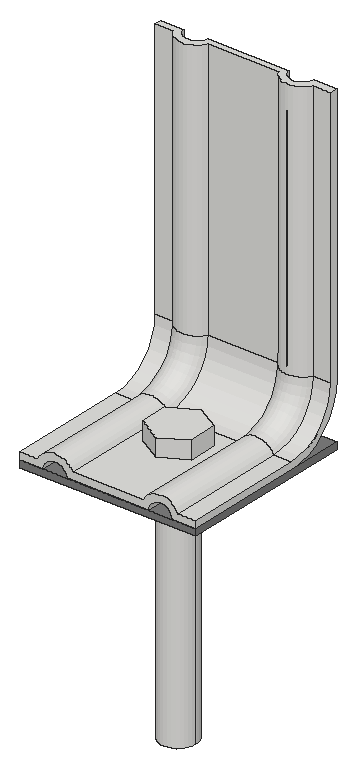
Revit family "BIMLIB_КронштейнКрепежный_GRANDLINE", category Обобщенные модели, Revit 2017
Family settings
  Может служить основой для арматурных стержней = Нет
  Размер круглого соединителя = Использовать диаметр
  Тип детали = Нормальный
  На основе рабочей плоскости = Да
  Всегда вертикально = Нет
  При загрузке вырезать с полостями = Нет
  Общий = Нет
  Точка расчета площади = Нет
Parameters (values of type "50х50х90")
  Прокладка_Толщина [instance] = if(Прокладка_Паронитовая, 2 mm, 0 mm)  # 2 mm
  Прокладка_Паронитовая [instance] = yes
  Default Elevation = 1219.2 mm
  Описание = ADSK_Наименование  # "Крепежный кронштейн 50х50х90"
  Изготовитель = "Grand Line"  # constant formula
  Анкер_Длина = 80 mm
  Watermark [instance] = "Модели защищены уникальным кодом"
  URL = "https://www.grandline.ru"
  BL_Разработано = "support@bimlib.pro"
  BL_Email = "info@grandline.ru"
  BL_BIM library = "https://bimlib.pro/manufacturer/company/22430"
  ADSK_Размер_Ширина = 50 mm
  ADSK_Размер_Толщина = 2 mm
  ADSK_Размер_Длина = 90 mm
  ADSK_Обозначение = ""
  ADSK_Наименование = "Крепежный кронштейн 50х50х90"
  ADSK_Материал тип подсчета = 0  # constant formula
  ADSK_Материал = GL_Сталь
  ADSK_Масса_Текст = ""
  ADSK_Масса = 0
  ADSK_Марка = ""
  ADSK_Количество [instance] = 1  # constant formula
  ADSK_Код изделия = ""
  ADSK_Завод-изготовитель = "Grand Line"  # constant formula
  ADSK_Единица измерения = "шт"  # constant formula
  ADSK_Группирование = "Доборные элементы"  # constant formula
  ADSK_Версия Revit = "2017"  # constant formula
  ADSK_URL страницы изделия = "https://www.grandline.ru/katalog/fasad/fasadnye-sistemy-grand-line/kreplenia-stenovye-udliniteli/"
  ADSK_URL документации изделия = "https://www.grandline.ru/"
Types (8, lengths in mm): name | Описание | ADSK_Размер_Длина | ADSK_Наименование
  50х50х50 | "Крепежный кронштейн 50х50х50" | 50 | "Крепежный кронштейн 50х50х50"
  50х50х90 | "Крепежный кронштейн 50х50х90" | 90 | "Крепежный кронштейн 50х50х90"
  50х50х100 | "Крепежный кронштейн 50х50х100" | 100 | "Крепежный кронштейн 50х50х100"
  50х50х150 | "Крепежный кронштейн 50х50х150" | 150 | "Крепежный кронштейн 50х50х150"
  50х50х180 | "Крепежный кронштейн 50х50х180" | 180 | "Крепежный кронштейн 50х50х180"
  50х50х200 | "Крепежный кронштейн 50х50х200" | 200 | "Крепежный кронштейн 50х50х200"
  50х50х250 | "Крепежный кронштейн 50х50х250" | 250 | "Крепежный кронштейн 50х50х250"
  50х50х120 | "Крепежный кронштейн 50х50х120" | 120 | "Крепежный кронштейн 50х50х120"
Reference planes
  plane 1 "По центру (Вперед/Назад)": y = 0
  plane 2: z = 0
  plane 3 "По центру (Влево/Вправо)": x = 0
  plane 4: y = 25
  plane 5: y = -25
  plane 6: z = 92
  plane 7 "Начало": z = 2
  plane 8: z = 4
Forms (mm)
  Sweep 1, solid, material "GL_Сталь" <- "ADSK_Материал", detail levels medium+fine
    path origin (0, 0, 0) x (0, 1, 0) y (0, 0, 1)
      loop
        line (25, 92) -> (25, 18)
        arc (25, 18) -> (20.314, 6.686) -> (9, 2) r 16
        line (9, 2) -> (-25, 2)
    profile "Профиль_КронштейнКрепежный : Профиль" origin (0, 25, 55) x (0, 1, 0) y (1, 0, 0)
      loop
        line (-2, 25) -> (-2, 19.899)
        arc (-2, 19.899) -> (-5, 15) -> (-2, 10.101) r 5.5
        line (-2, 10.101) -> (-2, -10.101)
        arc (-2, -10.101) -> (-5, -15) -> (-2, -19.899) r 5.5
        line (-2, -19.899) -> (-2, -25) -> (0, -25) -> (0, -18.464)
        arc (0, -18.464) -> (-3, -15) -> (0, -11.536) r 3.5
        line (0, -11.536) -> (0, 11.536)
        arc (0, 11.536) -> (-3, 15) -> (0, 18.464) r 3.5
        line (0, 18.464) -> (0, 25) -> (-2, 25)
  Extrusion 2, void
    sketch origin (0, 0, 2) x (0, 1, 0) y (-1, 0, 0)
      loop
        circle (0, 0) r 5
    from 0 to 2
Cuts and joins
  Extrusion 2 cuts Sweep 1
Dimensions and locks
  equal spacing: plane 4, plane 1 "По центру (Вперед/Назад)", plane 5
  "ADSK_Размер_Ширина": plane 4 to plane 5
  "ADSK_Размер_Длина": plane 6 to plane 7 "Начало"
  "Прокладка_Толщина": plane 7 "Начало" to plane 2
  locked: plane 8 to plane 7 "Начало" at 2
  aligned and locked: level to plane 2
  aligned and locked: plane 4 to Sweep 1 sketch curve
  aligned and locked: plane 5 to Sweep 1 sketch curve
  aligned and locked: Sweep 1 sketch curve to plane 7 "Начало"
  aligned and locked: plane 6 to Sweep 1 sketch curve
  aligned and locked: Extrusion 2 to plane 7 "Начало"
  aligned and locked: plane 3 "По центру (Влево/Вправо)" to nested 1
  aligned and locked: plane 1 "По центру (Вперед/Назад)" to nested 1
  aligned and locked: nested 1 to plane 2
  aligned and locked: plane 1 "По центру (Вперед/Назад)" to nested 2
  aligned and locked: plane 3 "По центру (Влево/Вправо)" to nested 2
  aligned and locked: nested 2 to plane 8
Automatic sketch dimensions
  Sweep 1 sketch curve to plane 1 "По центру (Вперед/Назад)" = 9 mm
  plane 1 "По центру (Вперед/Назад)" to Extrusion 2 sketch curve = 0 mm
  Extrusion 2 sketch curve to plane 3 "По центру (Влево/Вправо)" = 0 mm
  radius of Extrusion 2 sketch curve = 5 mm
Nested families
  nested 1: "BIMLIB_УплотнительПаронитовый_GRANDLINE" at (0, 0, 0), visible <- "Прокладка_Паронитовая", type "50х50"
    with ADSK_Количество 1
  nested 2: "BIMLIB_ДюбельАнкерный_GRANDLINE" at (0, 0, 4), Анкер_Длина <- "Анкер_Длина", type "Дюбель"
    with Анкер_Длина 80 mm, ADSK_Количество 1
Definition of nested family "BIMLIB_УплотнительПаронитовый_GRANDLINE"
  Parameters (values of type "50х50")
    Description = ADSK_Наименование  # "Уплотнитель паронитовый 50х50"
    Manufacturer = "Grand Line"  # constant formula
    URL = "https://www.grandline.ru"
    BL_Разработано = "support@bimlib.pro"
    BL_Email = "info@grandline.ru"
    BL_BIM library = "https://bimlib.pro/manufacturer/company/22430"
    ADSK_Размер_Ширина = 50 mm
    ADSK_Размер_Толщина = 2 mm
    ADSK_Размер_Длина = 50 mm
    ADSK_Обозначение = ""
    ADSK_Наименование = "Уплотнитель паронитовый 50х50"
    ADSK_Материал тип подсчета = 0  # constant formula
    ADSK_Материал = none
    ADSK_Масса_Текст = ""
    ADSK_Масса = 0
    ADSK_Марка = ""
    ADSK_Количество [instance] = 1  # constant formula
    ADSK_Код изделия = ""
    ADSK_Завод-изготовитель = "Grand Line"  # constant formula
    ADSK_Единица измерения = "шт"  # constant formula
    ADSK_Группирование = "Доборные элементы"  # constant formula
    ADSK_Версия Revit = "2017"  # constant formula
    ADSK_URL страницы изделия = "https://www.grandline.ru/uplotnitel-paronitovyy-50kh50-2mm-119784.html"
    ADSK_URL документации изделия = "https://www.grandline.ru/uploads/files/Sertifikati_vse/18%20%D0%93%D0%9A-%D0%BF%D1%80%D0%BE%D1%84%D0%B8%D0%BB%D1%8C%2C%20%D0%BF%D0%BE%D0%B4%D0%B2%D0%B5%D1%81%D0%BD%D1%8B%D0%B5%20%D0%BF%D0%BE%D1%82%D0%BE%D0%BB%D0%BE%D1%87%D0%BD%D1%8B%D0%B5%20%D1%81%D0%B8%D1%81%D1%82%D0%B5%D0%BC%D1%8B%2C%20%D0%9D%D0%B0%D0%B2%D0%B5%D1%81%D0%BD%D0%B0%D1%8F%20%D1%84%D0%B0%D1%81%D0%B0%D0%B4%D0%BD%D0%B0%D1%8F%20%D1%81%D0%B8%D1%81%D1%82%D0%B5%D0%BC%D0%B0/sertifikat-sootvetstvija-paronit.pdf"
  Reference planes
    plane 1 "По центру (Вперед/Назад)": y = 0
    plane 2: z = 0
    plane 3 "По центру (Влево/Вправо)": x = 0
    plane 4: x = -25
    plane 5: x = 25
    plane 6: y = 25
    plane 7: y = -25
    plane 8: z = 2
  Forms (mm)
    Extrusion 1, solid, material <- "ADSK_Материал", detail levels medium+fine
      sketch origin (0, 0, 0) x (1, 0, 0) y (0, 1, 0)
        loop
          line (-25, 25) -> (-25, -25) -> (25, -25) -> (25, 25) -> (-25, 25)
        loop
          circle (0, 0) r 5.25
      from 0 to 2
  Dimensions and locks
    equal spacing: plane 6, plane 1 "По центру (Вперед/Назад)", plane 7
    equal spacing: plane 4, plane 3 "По центру (Влево/Вправо)", plane 5
    "ADSK_Размер_Длина": plane 4 to plane 5
    "ADSK_Размер_Ширина": plane 6 to plane 7
    "ADSK_Размер_Толщина": plane 8 to plane 2
    aligned and locked: level to plane 2
    aligned and locked: Extrusion 1 sketch curve to plane 6
    aligned and locked: plane 4 to Extrusion 1 sketch curve
    aligned and locked: plane 7 to Extrusion 1 sketch curve
    aligned and locked: Extrusion 1 sketch curve to plane 5
    aligned and locked: plane 8 to Extrusion 1
  Automatic sketch dimensions
    plane 1 "По центру (Вперед/Назад)" to Extrusion 1 sketch curve = 0 mm
    Extrusion 1 sketch curve to plane 3 "По центру (Влево/Вправо)" = 0 mm
    radius of Extrusion 1 sketch curve = 5.25 mm
Definition of nested family "BIMLIB_ДюбельАнкерный_GRANDLINE"
  Parameters (values of type "Дюбель")
    Description = ADSK_Наименование  # "Анкерный дюбель"
    Manufacturer = "Grand Line"  # constant formula
    Анкер_Длина [instance] = 80 mm
    URL = "https://www.grandline.ru"
    BL_Разработано = "support@bimlib.pro"
    BL_Email = "info@grandline.ru"
    BL_BIM library = "https://bimlib.pro/manufacturer/company/22430"
    ADSK_Обозначение = ""
    ADSK_Наименование = "Анкерный дюбель"
    ADSK_Материал тип подсчета = 0  # constant formula
    ADSK_Материал = none
    ADSK_Масса_Текст = ""
    ADSK_Масса = 0
    ADSK_Марка = ""
    ADSK_Количество [instance] = 1  # constant formula
    ADSK_Код изделия = ""
    ADSK_Завод-изготовитель = "Grand Line"  # constant formula
    ADSK_Единица измерения = "шт"  # constant formula
    ADSK_Группирование = "Доборные элементы"  # constant formula
    ADSK_Версия Revit = "2017"  # constant formula
    ADSK_URL страницы изделия = "https://www.grandline.ru/katalog/fasad/fasadnye-sistemy-grand-line/ankera-fasadnye/"
    ADSK_URL документации изделия = "https://www.grandline.ru"
  Reference planes
    plane 1 "По центру (Вперед/Назад)": y = 0
    plane 2: z = 0
    plane 3 "По центру (Влево/Вправо)": x = 0
    plane 4: z = -75
    plane 5: z = 5
  Forms (mm)
    Extrusion 1, solid, material <- "ADSK_Материал", detail levels medium+fine
      sketch origin (0, 0, 0) x (1, 0, 0) y (0, 1, 0)
        loop
          circle (0, 0) r 5
      from 0 to -75
    Extrusion 2, solid, material <- "ADSK_Материал", detail levels medium+fine
      sketch origin (0, 0, 0) x (1, 0, 0) y (0, 1, 0)
        loop
          line (7, 4.041) -> (0, 8.083) -> (-7, 4.041) -> (-7, -4.041) -> (0, -8.083) -> (7, -4.041) -> (7, 4.041)
      from 0 to 5
  Dimensions and locks
    locked: plane 5 to plane 2 at 5
    "Анкер_Длина": plane 5 to plane 4
    aligned and locked: level to plane 2
  Automatic sketch dimensions
    plane 1 "По центру (Вперед/Назад)" to Extrusion 1 sketch curve = 0 mm
    Extrusion 1 sketch curve to plane 3 "По центру (Влево/Вправо)" = 0 mm
    Extrusion 2 sketch curve to plane 3 "По центру (Влево/Вправо)" = 0 mm  (x2)
    Extrusion 2 sketch curve to plane 3 "По центру (Влево/Вправо)" = 7 mm
    plane 3 "По центру (Влево/Вправо)" to Extrusion 2 sketch curve = 7 mm
    plane 1 "По центру (Вперед/Назад)" to Extrusion 2 sketch curve = 8.083 mm
    plane 1 "По центру (Вперед/Назад)" to Extrusion 2 sketch curve = 4.041 mm  (x2)
    Extrusion 2 sketch curve to plane 1 "По центру (Вперед/Назад)" = 4.041 mm  (x2)
    Extrusion 2 sketch curve to Extrusion 2 sketch curve = 4.041 mm
    radius of Extrusion 1 sketch curve = 5 mm
